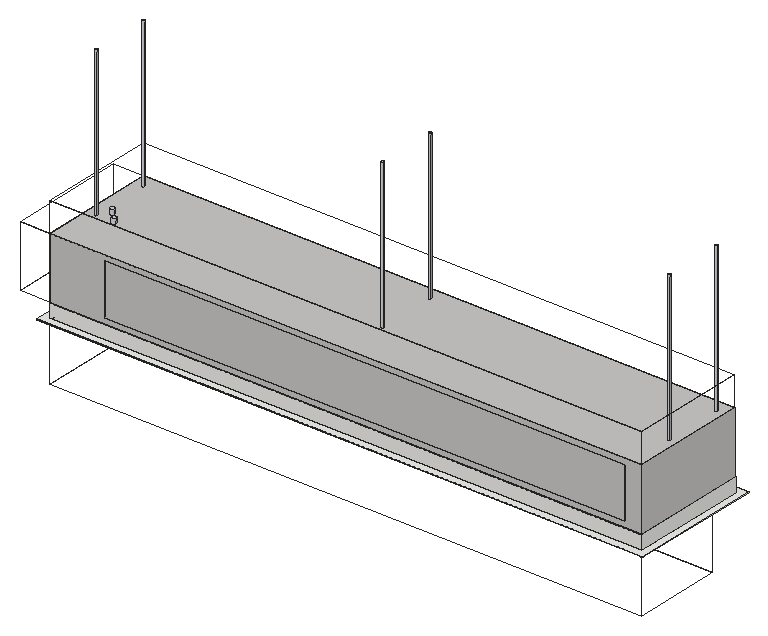
Revit family "AIRTECNICS_AIR CURTAIN_RECESSED OPTIMA_WATER HEATED (P)", category Mechanical Equipment, Revit 2016
Family settings
  Part Type = Normal
  Round Connector Dimension = Use Diameter
  OmniClass Number = 23.75.70.21.17
  OmniClass Title = Air Curtains
  Work Plane-Based = No
  Always vertical = Yes
  Cut with Voids When Loaded = No
  Shared = No
  Room Calculation Point = No
Parameters (values of type "RO 2000 P")
  · POSITION · [instance] = "-/ Select Curtain Position /-"  # constant formula
  · PIPES POSITION · [instance] = "-/ Select Pipes Position /-"  # constant formula
  · OTHERS · [instance] = "-/ Select Supports - Inst.Maint. Space /-"  # constant formula
  · HEATING · [instance] = "-/ Select Heating /-"  # constant formula
  Weight [instance] = size_lookup(Name_Lookup_Data, "Weight", 1.00 kg, COD)  # 49.00 kg
  Water Pipes_P2 [instance] = no
  Water Pipes_P1 (Std) [instance] = not(Water Pipes_P2)  # yes
  Water Flow Connector [instance] = size_lookup(Name_Lookup_Data, "Water Flow_connector", 1.0 L/s, COD)  # 0.222222 L/s
  Water Drop Pressure [instance] = size_lookup(Name_Lookup_Data, "Water Drop Pressure", 1.0 Pa, COD)  # 6810.0 Pa
  Water Coil Volume [instance] = size_lookup(Name_Lookup_Data, "Water Coil Volume", 1.0 L, COD)  # 1.3 L
  Water Coil Rows [instance] = size_lookup(Name_Lookup_Data, "Water Coil Rows", 1, COD)  # 2
  Wall Supports (Horizontal) [instance] = no
  Voltage = 230 V  # constant formula
  URL_Manufacturer = "https://www.airtecnics.com/"
  URL_Datasheet = "https://www.airtecnics.com/download/file/1945/recessed-optima.pdf"
  Supports Length [instance] = 500.0 mm
  Supports (Horizontal) [instance] = yes
  Revit Version = "Revit 2016 - English"  # constant formula
  Review Date = "11/2018"  # constant formula
  Remote Control = "IR-AIR"  # constant formula
  URL = "https://www.airtecnics.com/products/air-curtain-recessed-optima"
  Product Size = if(L = 1000.0 mm, "1000", if(L = 1500.0 mm, "1500", "2000"))  # "2000"
  Product Reference [instance] = size_lookup(Name_Lookup_Ref, "", "Consult Manufacturer", COD)  # "RO 2000 P"
  Product Heating [instance] = "P"  # constant formula
  Product Description [instance] = size_lookup(Name_Lookup_Data, "", "Consult Manufacturer", COD)  # "Self-supporting casing construction made of galvanized steel plate, ready to be installed recessed in a false ceiling. \r\nInlet grille (free of maintenance) made with aluminium profiles and blow-out nozzle, integrated in a single white frame colour RAL 9016. Other colours are available on request. \r\nAnodized aluminium outlet vanes, airfoil shaped.\r\nLow noise twisted cross-flow fans driven by a 2-speed external rotor motor.\r\n“P” type with water heated coil. \r\nIncludes Plug&Play control with 7m RJ45 cable and infrared remote control. Optional: Clever control (programmable, automatic, intelligent, energy saving, Modbus RTU for BMS…)\r\nAir Volume: 2850 m3/h \r\nFans:  0,16 kW  0,82 A 230Vx1 50Hz\r\nHeating power: 17,1 kW (80/60ºC)\r\nDimensions: 446x259x2050 mm (depth, height, length)"
  Power Fans Factor [instance] = if(L = 1000.0 mm, 0.84, if(L = 1500.0 mm, 0.96, if(L = 2000.0 mm, 0.85, 1)))  # 0.85
  Power Fans [instance] = size_lookup(Name_Lookup_Data, "Power Fans", 1 kW, COD)  # 0.16 kW
  P [instance] = 1 = 1  # yes
  Noise Level (dB(A)) [instance] = size_lookup(Name_Lookup_Data, "Noise Level (dB(A))", 1, COD)  # 54
  Name_Lookup_Ref = "RO_(P)_Ref_Lookup"  # constant formula
  Name_Lookup_Data = "RO_(P)_Data_Lookup"  # constant formula
  Model = "Air Curtain RECESSED OPTIMA P"  # constant formula
  Material Grille = AIRTECNICS_Perforated_Recessed Optima_Galvanized Steel
  Material Curtain [instance] = AIRTECNICS_White RAL 9016
  Mainfolds [instance] = "2x1/2'' F"  # constant formula
  Length = L + 50.0 mm + Depth - Depth  # 2050.0 mm
  Height = 259.0 mm  # constant formula
  Heating Capacity [instance] = size_lookup(Name_Lookup_Data, "Heating Capacity", 1 kW, COD)  # 17.1 kW
  Frequency = 50 Hz  # constant formula
  Fans Stage = 2  # constant formula
  Family Version = "1.0"  # constant formula
  Depth = 445.0 mm  # constant formula
  D_Pipping_Connector [instance] = 15 mm  # constant formula
  Current Fans [instance] = size_lookup(Name_Lookup_Data, "Current Fans", 1 A, COD)  # 0.82 A
  Created by = "BIMETRICAL"  # constant formula
  Control [instance] = "CW-2EV-IR"  # constant formula
  Cable = "CB7"  # constant formula
  COD [instance] = if(L = 1000.0 mm, 1, 0) + if(L = 1500.0 mm, 2, 0) + if(L = 2000.0 mm, 4, 0)  # 4
  Aspiration/Maintenance Space [instance] = yes
  Apparent Load [instance] = size_lookup(Name_Lookup_Data, "Apparent Load", 1 VA, COD)  # 188.235 VA
  Airflow [instance] = size_lookup(Name_Lookup_Data, "Airflow", 1 m³/h, COD)  # 2850 m³/h
  L = 2000.0 mm
  Type Image = <None>
  IfcExportType = "WATERHEATINGCOIL"  # constant formula
  IfcExportAs = "IfcCoilType"  # constant formula
  Horizontal [instance] = 1 = 1  # yes
  Manufacturer = "AIRTECNICS"  # constant formula
  Description = ""
  Type Comments = "Self-supporting casing construction made of galvanized steel plate, ready to be installed recessed in a false ceiling. \r\nInlet grille (free of maintenance) made with aluminium profiles and blow-out nozzle, integrated in a single white frame colour RAL 9016. Other colours are available on request. \r\nAnodized aluminium outlet vanes, airfoil shaped.\r\nLow noise twisted cross-flow fans driven by a 2-speed external rotor motor.\r\n“P” type with water heated coil. “E” type with electrical shielded elements, two stages with integrated regulation. “A” type without heating, air only. \r\nIncludes Plug&Play control with 7m RJ45 cable and infrared remote control. Optional: Clever control (programmable, automatic, intelligent, energy saving, Modbus RTU for BMS…)\r\n\r\n"  # constant formula
  BIMETRICAL Category = "Coil"  # constant formula
  BIMETRICAL = "http://www.bimetrical.com"  # constant formula
Types (3, lengths in mm): name | Weight | Water Flow Connector | Water Drop Pressure | Water Coil Volume | Product Size | Product Reference | Product Description | Power Fans Factor | Power Fans | Noise Level (dB(A)) | Length | Heating Capacity | Current Fans | COD | Apparent Load | Airflow | L
  RO 2000 P | 49.00 kg | 0.222222 L/s | 6810.0 Pa | 1.3 L | "2000" | "RO 2000 P" | "Self-supporting casing construction made of galvanized steel plate, ready to be installed recessed in a false ceiling. \r\nInlet grille (free of maintenance) made with aluminium profiles and blow-out nozzle, integrated in a single white frame colour RAL 9016. Other colours are available on request. \r\nAnodized aluminium outlet vanes, airfoil shaped.\r\nLow noise twisted cross-flow fans driven by a 2-speed external rotor motor.\r\n“P” type with water heated coil. \r\nIncludes Plug&Play control with 7m RJ45 cable and infrared remote control. Optional: Clever control (programmable, automatic, intelligent, energy saving, Modbus RTU for BMS…)\r\nAir Volume: 2850 m3/h \r\nFans:  0,16 kW  0,82 A 230Vx1 50Hz\r\nHeating power: 17,1 kW (80/60ºC)\r\nDimensions: 446x259x2050 mm (depth, height, length)" | 0.85 | 0.16 kW | 54 | 2050.0 | 17.1 kW | 0.82 A | 4 | 188.235 VA | 2850 m³/h | 2000.0
  RO 1500 P | 37.50 kg | 0.166667 L/s | 7480.0 Pa | 1.0 L | "1500" | "RO 1500 P" | "Self-supporting casing construction made of galvanized steel plate, ready to be installed recessed in a false ceiling. \r\nInlet grille (free of maintenance) made with aluminium profiles and blow-out nozzle, integrated in a single white frame colour RAL 9016. Other colours are available on request. \r\nAnodized aluminium outlet vanes, airfoil shaped.\r\nLow noise twisted cross-flow fans driven by a 2-speed external rotor motor.\r\n“P” type with water heated coil. \r\nIncludes Plug&Play control with 7m RJ45 cable and infrared remote control. Optional: Clever control (programmable, automatic, intelligent, energy saving, Modbus RTU for BMS…)\r\nAir Volume: 2175 m3/h \r\nFans:  0,117 kW  0,53 A 230Vx1 50Hz\r\nHeating power: 13 kW (80/60ºC)\r\nDimensions: 446x259x1550 mm (depth, height, length)" | 0.96 | 0.117 kW | 52 | 1550.0 | 13 kW | 0.53 A | 2 | 121.875 VA | 2175 m³/h | 1500.0
  RO 1000 P | 26.50 kg | 0.111111 L/s | 7360.0 Pa | 0.6 L | "1000" | "RO 1000 P" | "Self-supporting casing construction made of galvanized steel plate, ready to be installed recessed in a false ceiling. \r\nInlet grille (free of maintenance) made with aluminium profiles and blow-out nozzle, integrated in a single white frame colour RAL 9016. Other colours are available on request. \r\nAnodized aluminium outlet vanes, airfoil shaped.\r\nLow noise twisted cross-flow fans driven by a 2-speed external rotor motor.\r\n“P” type with water heated coil. \r\nIncludes Plug&Play control with 7m RJ45 cable and infrared remote control. Optional: Clever control (programmable, automatic, intelligent, energy saving, Modbus RTU for BMS…)\r\nAir Volume: 1450 m3/h \r\nFans:  0,08 kW  0,41 A 230Vx1 50Hz\r\nHeating power: 8,3 kW (80/60ºC)\r\nDimensions: 446x259x1050 mm (depth, height, length)" | 0.84 | 0.08 kW | 51 | 1050.0 | 8.3 kW | 0.41 A | 1 | 95.2381 VA | 1450 m³/h | 1000.0
Reference planes
  plane 1 "Centro (Frontal/Posterior)": z = 0
  plane 2: y = 246.57
  plane 3 "Centro (Izquierda/Derecha)": x = 0
Dimensions and locks
  equal spacing: nested 1, plane 2, nested 1
Nested families
  nested 1: "GEOM_RECESSED OPTIMA_(A-E-P)" at (0, 246.57, -2), type "GEOM_RECESSED OPTIMA_(A-E-P)"
    with AMP yes, VSUP2 yes, P yes, Number of Blades 9, L1 2050.0 mm, L 2000.0 mm, E no, C 238.88 mm, A1 1938.0 mm, A-P yes, A 197.8 mm
Connectors
  piping at (-940, 235.57, 272), diameter 15, driven by "D_Pipping_Connector", driven by "Water Flow Connector", driven by "Water Drop Pressure"
    settings: on nested 1, index 2, connector inside diameter 609.6 mm, connector length 0.0 mm, flow factor 0, pipe flow 0.222222 L/s, pressure drop 6810.0 Pa, fitting loss kfactor 0, connector angle 0.00°, fixture units 0, engagement length 0.0 mm, angle of deflection 0.00°, flow configuration 1, flow direction 1, fitting loss method 4, system type 7, joint type 0, gender type 0, connector reference index -1, connector utility 0, adjustable connector no, is connector primary yes, connector description "In"
  piping at (-905, 199.57, 272), diameter 15, driven by "Water Flow Connector", driven by "D_Pipping_Connector"
    settings: on nested 1, index 3, connector inside diameter 609.6 mm, connector length 0.0 mm, flow factor 0, pipe flow 0.222222 L/s, pressure drop 0.0 Pa, fitting loss kfactor 0, connector angle 0.00°, fixture units 0, engagement length 0.0 mm, angle of deflection 0.00°, flow configuration 1, flow direction 2, fitting loss method 0, system type 8, joint type 0, gender type 0, connector reference index -1, connector utility 0, adjustable connector no, is connector primary no, connector description ""
  electrical at (-1000, 130.94, 115.65), driven by "Voltage", driven by "Apparent Load", driven by "Power Fans Factor"
    settings: on nested 1, index 4, voltage 230 V, apparent load 188.235 VA, apparent load phase1 0 VA, apparent load phase2 0 VA, apparent load phase3 0 VA, power factor 0.85, load classification "HVAC", number of poles 1, system type 30, power factor state 1, is connector primary yes, connector utility no, sub classification motor no, connector description ""
Definition of nested family "GEOM_RECESSED OPTIMA_(A-E-P)"
  Parameters (values of type "GEOM_RECESSED OPTIMA_(A-E-P)")
    Wall Supports (Horizontal) = no
    VSUP2 = if(and(Supports Length > 0.0 mm, L = 2000.0 mm, [Supports (Horizontal)]), 1 = 1, 1 = 0)  # no
    VSUP1 = if(and(Supports Length > 0.0 mm, [Supports (Horizontal)]), 1 = 1, 1 = 0)  # yes
    Supports Length = 500.0 mm
    Supports (Horizontal) = yes
    Revit Version = "Revit 2016 - English"  # constant formula
    Review Date = "10/2018"  # constant formula
    P2 = not(P1)  # no
    P1 = yes
    P = no
    Number of Blades = if(L = 1000.0 mm, 5, if(L = 1500.0 mm, 7, 9))  # 5
    Model = "RECESSED OPTIMA"  # constant formula
    Material Grille = none
    Material Curtain = none
    Manufacturer = "AIRTECNICS"  # constant formula
    L_sup = if(Supports Length = 0.0 mm, 1.0 mm, Supports Length)  # 500.0 mm
    L2 = if(P1, 85.0 mm, L1 - (120.0 mm))  # 85.0 mm
    L1 = L + 50.0 mm  # 1050.0 mm
    L = 1000.0 mm
    Family Version = "1.0"  # constant formula
    E = yes
    D_Con = 15 mm
    Created by = "BIMETRICAL"  # constant formula
    C = if(L = 1000.0 mm, 227.75 mm, if(L = 1500.0 mm, 235.1 mm, 238.88 mm))  # 227.75 mm
    BIMETRICAL = "http://www.bimetrical.com/"  # constant formula
    B1 = if(and([Wall Supports (Horizontal)], not([Supports (Horizontal)]), L = 2000.0 mm), 30.0 mm, 1.0 mm)  # 1.0 mm
    B = if([Supports (Horizontal)], 1.0 mm, if(not([Wall Supports (Horizontal)]), 1.0 mm, 30.0 mm))  # 1.0 mm
    Aspiration/Maintenance Space = yes
    AMP [instance] = if(and([Aspiration/Maintenance Space], P), 1 = 1, 1 = 0)  # no
    A1 = L - 62.0 mm  # 938.0 mm
    A-P = not(E)  # no
    A = (L - 22.0 mm) / (Number of Blades + 1)  # 163.0 mm
  Reference planes
    plane 1 "Centro (Frontal/Posterior)": y = 0
    plane 2: z = 0
    plane 3 "Centro (Izquierda/Derecha)": x = 0
    plane 4: x = -500
    plane 5: y = 222.5
    plane 6: x = 500
    plane 7: y = -222.5
    plane 8: y = 198
    plane 9: y = -198
    plane 10: x = -525
    plane 11: x = 525
    plane 12: z = 259
    plane 13: z = 50
    plane 14: z = 2
    plane 15: x = -501
    plane 16: x = 501
    plane 17: x = -469
    plane 18: x = 469
    plane 19: y = 157
    plane 20: y = -43
    plane 21: y = -43
    plane 22: y = 157
    plane 23: z = 90
    plane 24: z = 220
    plane 25: x = -469
    plane 26: x = 469
    plane 27: z = 220
    plane 28: z = 90
    plane 29: x = -455.5
    plane 30: x = -227.75
    plane 31: x = -440
    plane 32: y = -11
    plane 33: x = -405
    plane 34: y = -47
  Forms (mm)
    Extrusion 1, solid
      sketch origin (-1376.546, -1524, 259) x (-1, 0, 0) y (0, -1, 0)
        loop
          line (-876.546, -1721.5) -> (-876.546, -1326.5) -> (-1876.546, -1326.5) -> (-1876.546, -1721.5) -> (-876.546, -1721.5)
      from 0 to -209
    Sweep 2, solid, material <- "Material Curtain"
      path origin (-1376.546, -1524, 259) x (-1, 0, 0) y (0, -1, 0)
        loop
          line (-851.546, -1746.5) -> (-851.546, -1301.5) -> (-1901.546, -1301.5) -> (-1901.546, -1746.5) -> (-851.546, -1746.5)
      profile origin (-525, 0, 259) x (-1, 0, 0) y (0, 0, 1)
        loop
          line (0, -259) -> (0, -257) -> (-24, -257) -> (-24, -209) -> (-25, -209) -> (-25, -259) -> (0, -259)
    Extrusion 3, solid, visible <- "VSUP1"
      sketch origin (-1376.546, -1524, 259) x (-1, 0, 0) y (0, -1, 0)
        loop
          circle (-907.546, -1681) r 4
        loop
          circle (-907.546, -1481) r 4
        loop
          circle (-1845.546, -1681) r 4
        loop
          circle (-1845.546, -1481) r 4
      from 0 to 500
    Extrusion 4, solid, visible <- "VSUP2"
      sketch origin (-1376.546, -1524, 259) x (-1, 0, 0) y (0, -1, 0)
        loop
          circle (-1376.546, -1481) r 4
        loop
          circle (-1376.546, -1681) r 4
      from 0 to 500
    Extrusion 5, void
      sketch origin (-1802.24, 198, 1200) x (-1, 0, 0) y (0, 0, 1)
        loop
          circle (-1333.24, -980) r 4
        loop
          circle (-1333.24, -1110) r 4
        loop
          circle (-2271.24, -980) r 4
        loop
          circle (-2271.24, -1110) r 4
      from 23.5 to 24.5
    Extrusion 6, void
      sketch origin (-1802.24, 198, 1200) x (-1, 0, 0) y (0, 0, 1)
        loop
          circle (-1802.24, -980) r 4
        loop
          circle (-1802.24, -1110) r 4
      from 23.5 to 24.5
    Extrusion 7, solid, material <- "Material Curtain"
      sketch origin (0, 0, 0) x (0, 1, 0) y (0, 0, 1)
        loop
          line (117.506, 0.003) -> (120.506, 0.003) -> (120.506, 25.003) -> (117.506, 25.003) -> (117.506, 0.003)
        loop
          line (131.506, 0.003) -> (134.506, 0.003) -> (134.506, 25.003) -> (131.506, 25.003) -> (131.506, 0.003)
        loop
          line (145.506, 0.003) -> (148.506, 0.003) -> (148.506, 25.003) -> (145.506, 25.003) -> (145.506, 0.003)
        loop
          line (159.506, 0.003) -> (162.506, 0.003) -> (162.506, 25.003) -> (159.506, 25.003) -> (159.506, 0.003)
        loop
          line (173.501, 0.003) -> (176.501, 0.003) -> (176.501, 45.003) -> (173.501, 45.003) -> (173.501, 15.939) -> (173.501, 0.003)
        loop
          line (187.501, 0.003) -> (190.501, 0.003) -> (190.501, 25.003) -> (187.501, 25.003) -> (187.501, 0.003)
      from -500 to 500
    Extrusion 8, solid, material <- "Material Curtain"
      sketch origin (0, 0, 0) x (0, 1, 0) y (0, 0, 1)
        loop
          line (87.6, 2.798) -> (103.505, 15.003) -> (103.505, 25.003) -> (102.205, 25.003) -> (102.205, 15.644) -> (87.203, 4.132)
          arc (87.203, 4.132) -> (83.435, 1.976) -> (79.158, 1.238) r 12.5
          arc (79.158, 1.238) -> (78.507, 0.539) -> (79.256, -0.054) r 0.65
          arc (79.256, -0.054) -> (83.662, 0.688) -> (87.6, 2.798) r 13.8
        loop
          line (63.1, 2.798) -> (79.005, 15.003) -> (79.005, 25.003) -> (77.705, 25.003) -> (77.705, 15.644) -> (62.703, 4.132)
          arc (62.703, 4.132) -> (58.935, 1.976) -> (54.658, 1.238) r 12.5
          arc (54.658, 1.238) -> (54.007, 0.539) -> (54.756, -0.054) r 0.65
          arc (54.756, -0.054) -> (59.162, 0.688) -> (63.1, 2.798) r 13.8
        loop
          line (38.6, 2.798) -> (54.505, 15.003) -> (54.505, 25.003) -> (53.205, 25.003) -> (53.205, 15.644) -> (38.203, 4.132)
          arc (38.203, 4.132) -> (34.435, 1.976) -> (30.158, 1.238) r 12.5
          arc (30.158, 1.238) -> (29.507, 0.539) -> (30.256, -0.054) r 0.65
          arc (30.256, -0.054) -> (34.662, 0.688) -> (38.6, 2.798) r 13.8
        loop
          line (14.1, 2.798) -> (30.005, 15.003) -> (30.005, 25.003) -> (28.705, 25.003) -> (28.705, 15.644) -> (13.703, 4.132)
          arc (13.703, 4.132) -> (9.935, 1.976) -> (5.658, 1.238) r 12.5
          arc (5.658, 1.238) -> (5.007, 0.539) -> (5.756, -0.054) r 0.65
          arc (5.756, -0.054) -> (10.162, 0.688) -> (14.1, 2.798) r 13.8
        loop
          line (-10.4, 2.798) -> (5.505, 15.003) -> (5.505, 25.003) -> (4.205, 25.003) -> (4.205, 15.644) -> (-10.797, 4.132)
          arc (-10.797, 4.132) -> (-14.565, 1.976) -> (-18.842, 1.238) r 12.5
          arc (-18.842, 1.238) -> (-19.493, 0.539) -> (-18.744, -0.054) r 0.65
          arc (-18.744, -0.054) -> (-14.338, 0.688) -> (-10.4, 2.798) r 13.8
        loop
          line (-34.9, 2.798) -> (-18.995, 15.003) -> (-18.995, 25.003) -> (-20.295, 25.003) -> (-20.295, 15.644) -> (-35.297, 4.132)
          arc (-35.297, 4.132) -> (-39.065, 1.976) -> (-43.342, 1.238) r 12.5
          arc (-43.342, 1.238) -> (-43.993, 0.539) -> (-43.244, -0.054) r 0.65
          arc (-43.244, -0.054) -> (-38.838, 0.688) -> (-34.9, 2.798) r 13.8
        loop
          line (-59.4, 2.798) -> (-43.495, 15.003) -> (-43.495, 25.003) -> (-44.795, 25.003) -> (-44.795, 15.644) -> (-59.797, 4.132)
          arc (-59.797, 4.132) -> (-63.565, 1.976) -> (-67.842, 1.238) r 12.5
          arc (-67.842, 1.238) -> (-68.493, 0.539) -> (-67.744, -0.054) r 0.65
          arc (-67.744, -0.054) -> (-63.338, 0.688) -> (-59.4, 2.798) r 13.8
        loop
          line (-83.9, 2.798) -> (-67.995, 15.003) -> (-67.995, 25.003) -> (-69.295, 25.003) -> (-69.295, 15.644) -> (-84.297, 4.132)
          arc (-84.297, 4.132) -> (-88.065, 1.976) -> (-92.342, 1.238) r 12.5
          arc (-92.342, 1.238) -> (-92.993, 0.539) -> (-92.244, -0.054) r 0.65
          arc (-92.244, -0.054) -> (-87.838, 0.688) -> (-83.9, 2.798) r 13.8
        loop
          line (-108.4, 2.798) -> (-92.495, 15.003) -> (-92.495, 25.003) -> (-93.795, 25.003) -> (-93.795, 15.644) -> (-108.797, 4.132)
          arc (-108.797, 4.132) -> (-112.565, 1.976) -> (-116.842, 1.238) r 12.5
          arc (-116.842, 1.238) -> (-117.493, 0.539) -> (-116.744, -0.054) r 0.65
          arc (-116.744, -0.054) -> (-112.338, 0.688) -> (-108.4, 2.798) r 13.8
        loop
          line (-132.9, 2.798) -> (-116.995, 15.003) -> (-116.995, 25.003) -> (-118.295, 25.003) -> (-118.295, 15.644) -> (-133.297, 4.132)
          arc (-133.297, 4.132) -> (-137.065, 1.976) -> (-141.342, 1.238) r 12.5
          arc (-141.342, 1.238) -> (-141.993, 0.539) -> (-141.244, -0.054) r 0.65
          arc (-141.244, -0.054) -> (-136.838, 0.688) -> (-132.9, 2.798) r 13.8
        loop
          line (-157.4, 2.798) -> (-141.495, 15.003) -> (-141.495, 25.003) -> (-142.795, 25.003) -> (-142.795, 15.644) -> (-157.797, 4.132)
          arc (-157.797, 4.132) -> (-161.565, 1.976) -> (-165.842, 1.238) r 12.5
          arc (-165.842, 1.238) -> (-166.493, 0.539) -> (-165.744, -0.054) r 0.65
          arc (-165.744, -0.054) -> (-161.338, 0.688) -> (-157.4, 2.798) r 13.8
        loop
          line (-181.9, 2.798) -> (-165.995, 15.003) -> (-165.995, 25.003) -> (-167.295, 25.003) -> (-167.295, 15.644) -> (-182.297, 4.132)
          arc (-182.297, 4.132) -> (-186.065, 1.976) -> (-190.342, 1.238) r 12.5
          arc (-190.342, 1.238) -> (-190.993, 0.539) -> (-190.244, -0.054) r 0.65
          arc (-190.244, -0.054) -> (-185.838, 0.688) -> (-181.9, 2.798) r 13.8
      from -500 to 500
    Extrusion 9, solid
      sketch origin (0, 0, 0) x (0, 1, 0) y (0, 0, 1)
        loop
          line (106.505, 50) -> (103.505, 50) -> (103.505, 0) -> (106.505, 0) -> (106.505, 50)
      from -500 to 500
    Extrusion 10, solid
      sketch origin (-4, 0, -5.538) x (1, 0, 0) y (0, 1, 0)
        loop
          line (-455.5, 196.005) -> (-455.5, 106.505) -> (-447.5, 106.505) -> (-447.5, 196.005) -> (-455.5, 196.005)
      from 20.94 to 28.94
    Extrusion 11, solid
      sketch origin (223.75, 0, -5.538) x (1, 0, 0) y (0, 1, 0)
        loop
          line (-455.5, 196.005) -> (-455.5, 106.505) -> (-447.5, 106.505) -> (-447.5, 196.005) -> (-455.5, 196.005)
      from 20.94 to 28.94
    Extrusion 12, solid
      sketch origin (451.5, 0, -5.538) x (1, 0, 0) y (0, 1, 0)
        loop
          line (-455.5, 196.005) -> (-455.5, 106.505) -> (-447.5, 106.505) -> (-447.5, 196.005) -> (-455.5, 196.005)
      from 20.94 to 28.94
    Extrusion 13, solid
      sketch origin (679.25, 0, -5.538) x (1, 0, 0) y (0, 1, 0)
        loop
          line (-455.5, 196.005) -> (-455.5, 106.505) -> (-447.5, 106.505) -> (-447.5, 196.005) -> (-455.5, 196.005)
      from 20.94 to 28.94
    Extrusion 14, solid
      sketch origin (907, 0, -5.538) x (1, 0, 0) y (0, 1, 0)
        loop
          line (-455.5, 196.005) -> (-455.5, 106.505) -> (-447.5, 106.505) -> (-447.5, 196.005) -> (-455.5, 196.005)
      from 20.94 to 28.94
    Extrusion 15, void
      sketch origin (-1802.24, -198, 1200) x (-1, 0, 0) y (0, 0, -1)
        loop
          line (-1486.22, 960.7) -> (-1486.22, 1130.7) -> (-2244.49, 1130.7) -> (-2244.49, 960.7) -> (-1486.22, 960.7)
      from 0 to -10
    Extrusion 16, solid, material <- "Material Grille"
      sketch origin (-1802.24, -198, 1200) x (-1, 0, 0) y (0, 0, -1)
        loop
          line (-1486.22, 1130.7) -> (-2244.49, 1130.7) -> (-2244.49, 960.7) -> (-1486.22, 960.7) -> (-1486.22, 1130.7)
      from 0 to -10
    Extrusion 17, solid, visible <- "E"
      sketch origin (-500, 490.93, 1200) x (0, 1, 0) y (0, 0, 1)
        loop
          line (-580.68, -948.75) -> (-665.68, -948.75) -> (-665.68, -1006.75) -> (-580.68, -1006.75) -> (-580.68, -948.75)
      from 0 to -20
    Extrusion 18, solid, visible <- "P"
      sketch origin (-1376.546, -1524, 259) x (-1, 0, 0) y (0, -1, 0)
        loop
          circle (-971.546, -1477) r 7.5
        loop
          circle (-936.546, -1513) r 7.5
      from 0 to 15
    Extrusion 19, solid, visible <- "Aspiration/Maintenance Space"
      sketch origin (0, 0, 0) x (0, 1, 0) y (0, 0, 1)
        loop
          line (103.505, 0) -> (-198.495, 0) -> (-198.495, -200) -> (103.505, -200) -> (103.505, 0)
      from -500 to 500
    Extrusion 20, solid, visible <- "A-P"
      sketch origin (500, 490.93, 1200) x (0, 1, 0) y (0, 0, -1)
        loop
          line (-585.06, 1037.1) -> (-585.06, 1127.6) -> (-628.06, 1127.6) -> (-628.06, 1037.1) -> (-585.06, 1037.1)
      from 1020 to 1000
    Extrusion 21, solid, visible <- "Aspiration/Maintenance Space"
      sketch origin (0, 0, 0) x (-1, 0, 0) y (0, -1, 0)
        loop
          line (500, -198.5) -> (601, -198.5) -> (601, 198.5) -> (500, 198.5) -> (500, -198.5)
      from 50 to 259
    Extrusion 22, solid, visible <- "AMP"
      sketch origin (0, 0, 0) x (1, 0, 0) y (0, 0, 1)
        loop
          line (-500, 259) -> (500, 259) -> (500, 359) -> (-500, 359) -> (-500, 259)
      from -198 to 198
  Cuts and joins
    Extrusion 5, Extrusion 6, Extrusion 15 cuts Extrusion 1
  Lines and regions (mm)
    symbolic lines
      curve 1: line (-525, 222.5, 0) -> (525, 222.5, 0)
      curve 2: line (-525, -222.5, 0) -> (-525, 222.5, 0)
      curve 3: line (525, -222.5, 0) -> (-525, -222.5, 0)
      curve 4: line (525, 222.5, 0) -> (525, -222.5, 0)
      curve 5: line (-500, 197.5, 0) -> (500, 197.5, 0)
      curve 6: line (-500, -197.5, 0) -> (-500, 197.5, 0)
      curve 7: line (500, -197.5, 0) -> (-500, -197.5, 0)
      curve 8: line (500, 197.5, 0) -> (500, -197.5, 0)
      curve 11: line (-500, 103.505, 0) -> (500, 103.505, 0)
    symbolic lines, visible <- "P"
      curve 9: circle (-440, -11, 0) r 7.5 normal (0, 0, 1)
      curve 10: circle (-405, -47, 0) r 7.5 normal (0, 0, 1)
    symbolic lines, visible <- "Aspiration/Maintenance Space"
      curve 12: line (500, 0, -0.062) -> (500, 0, -200)
      curve 13: line (500, 0, -200) -> (-500, 0, -200)
      curve 14: line (-500, 0, -200) -> (-500, 0, -0.062)
      curve 15: line (0, 197.5, 259) -> (0, 197.5, 359)
      curve 16: line (0, 197.5, 359) -> (0, -197.5, 359)
      curve 17: line (0, -197.5, 359) -> (0, -197.5, 259)
      curve 18: line (0, 103.505, 0) -> (0, 103.505, -200)
      curve 19: line (0, 103.505, -200) -> (0, -198.495, -200)
      curve 20: line (0, -198.495, -200) -> (0, -198.495, 0)
      curve 21: line (-500, 0, 259) -> (-601, 0, 259)
      curve 22: line (-601, 0, 259) -> (-601, 0, 50)
      curve 23: line (-601, 0, 50) -> (-500, 0, 50)
      curve 27: line (-501, 198.5, 0) -> (-601, 198.5, 0)
      curve 28: line (-601, 198.5, 0) -> (-601, -198.5, 0)
      curve 29: line (-601, -198.5, 0) -> (-500, -198.5, 0)
    symbolic lines, visible <- "AMP"
      curve 24: line (-500, 0, 259) -> (-500, 0, 359)
      curve 25: line (-500, 0, 359) -> (500, 0, 359)
      curve 26: line (500, 0, 359) -> (500, 0, 259)
  Dimensions and locks
    equal spacing: plane 5, plane 1 "Centro (Frontal/Posterior)", plane 7
    equal spacing: plane 4, plane 3 "Centro (Izquierda/Derecha)", plane 6
    locked: plane 7 to plane 5 at 445
    "L": plane 4 to plane 6
    equal spacing: plane 10, plane 3 "Centro (Izquierda/Derecha)", plane 11
    "L1": plane 10 to plane 11
    equal spacing: plane 8, plane 1 "Centro (Frontal/Posterior)", plane 9
    plane 9 to plane 8 = 396.0 mm
    locked: plane 12 to level at 259
    locked: plane 13 to level at 50
    plane 14 to level = 2.0 mm
    locked: plane 4 to plane 15 at 1
    locked: plane 6 to plane 16 at 1
    equal spacing: plane 17, plane 3 "Centro (Izquierda/Derecha)", plane 18
    "A1": plane 17 to plane 18
    "L_sup": Extrusion 3 to plane 12
    "L_sup": Extrusion 4 to plane 12
    plane 23 to level = 90.0 mm
    plane 24 to plane 23 = 130.0 mm
    plane 12 to plane 24 = 39.0 mm
    equal spacing: plane 26, plane 3 "Centro (Izquierda/Derecha)", plane 25
    "A1": plane 26 to plane 25
    "B": plane 5 to Extrusion 5
    "B1": plane 5 to Extrusion 6
    plane 10 to cut or joined group of Extrusion 1, Extrusion 5, Extrusion 6, Extrusion 15 = 25.0 mm
    equal spacing: group 1, group 2, group 3, group 4, group 5  (x3)
    "C": plane 29 to plane 30
    locked: plane 10 to plane 29 at 69.5
    locked: Extrusion 10 sketch curve to Extrusion 10 sketch curve at 89.5
    locked: Extrusion 10 sketch curve to Extrusion 10 sketch curve at 8
    locked: Extrusion 11 sketch curve to Extrusion 11 sketch curve at 89.5
    locked: Extrusion 11 sketch curve to Extrusion 11 sketch curve at 8
    locked: Extrusion 12 sketch curve to Extrusion 12 sketch curve at 89.5
    locked: Extrusion 12 sketch curve to Extrusion 12 sketch curve at 8
    locked: Extrusion 13 sketch curve to Extrusion 13 sketch curve at 89.5
    locked: Extrusion 13 sketch curve to Extrusion 13 sketch curve at 8
    locked: Extrusion 14 sketch curve to Extrusion 14 sketch curve at 89.5
    locked: Extrusion 14 sketch curve to Extrusion 14 sketch curve at 8
    locked: Extrusion 10 to plane 29 at 4
    Extrusion 11 to plane 30 to Extrusion 11 = 4.0 mm locked, 4.0 mm locked
    locked: plane 12 to Extrusion 15 sketch curve at 19.7
    plane 12 to Extrusion 15 sketch curve = 189.7 mm
    locked: Extrusion 15 sketch curve to plane 4 at 183.98
    locked: Extrusion 15 sketch curve to plane 6 at 57.75
    "L2": plane 10 to plane 31
    locked: plane 31 to plane 33 at 35
    plane 7 to Extrusion 19 sketch curve to Extrusion 19 sketch curve = 24.005 mm, 302.0 mm locked
    locked: Extrusion 19 sketch curve to Extrusion 19 sketch curve at 200
    locked: Extrusion 17 sketch curve to Extrusion 17 sketch curve at 58
    locked: Extrusion 17 sketch curve to Extrusion 17 sketch curve at 85
    locked: Extrusion 17 sketch curve to plane 9 at 23.25
    locked: Extrusion 17 sketch curve to plane 13 at 143.25
    locked: Extrusion 20 sketch curve to Extrusion 20 sketch curve at 43
    locked: Extrusion 20 sketch curve to Extrusion 20 sketch curve at 90.5
    locked: Extrusion 20 sketch curve to plane 7 at 85.37
    locked: Extrusion 20 sketch curve to plane 13 at 22.4
    locked: plane 8 to plane 19 at 41
    locked: plane 20 to plane 19 at 200
    locked: plane 8 to plane 22 at 41
    locked: plane 22 to plane 21 at 200
    locked: plane 8 to plane 32 at 209
    locked: plane 8 to plane 34 at 245
    plane 4 to plane 31 = 60.0 mm
    Extrusion 22 sketch curve to Extrusion 21 = 100.0 mm
    "D_Con": diameter of Extrusion 18 sketch curve  (x2)
    aligned and locked: level to plane 2
    aligned and locked: plane 4 to Extrusion 1 sketch curve
    aligned and locked: plane 6 to Extrusion 1 sketch curve
    aligned and locked: Extrusion 1 to plane 13
    aligned and locked: plane 10 to Sweep 2 sketch curve
    aligned and locked: plane 11 to Sweep 2 sketch curve
    aligned and locked: Sweep 2 sketch curve to plane 10
    aligned and locked: plane 14 to Sweep 2 sketch curve
    aligned and locked: Sweep 2 sketch curve to level
    aligned and locked: plane 4 to Sweep 2 sketch curve
    aligned and locked: plane 13 to Sweep 2 sketch curve
    aligned and locked: plane 17 to Extrusion 3 sketch curve  (x2)
    aligned and locked: plane 18 to Extrusion 3 sketch curve  (x2)
    aligned and locked: plane 3 "Centro (Izquierda/Derecha)" to Extrusion 4 sketch curve  (x2)
    aligned and locked: plane 26 to Extrusion 5 sketch curve  (x2)
    aligned and locked: plane 25 to Extrusion 5 sketch curve  (x2)
    aligned and locked: plane 5 to Extrusion 6
    aligned and locked: Extrusion 1 sketch curve to Sweep 2  (x2)
    aligned and locked: Extrusion 7 to plane 4
    aligned and locked: Extrusion 7 to plane 6
    aligned and locked: Extrusion 8 to plane 6
    aligned and locked: Extrusion 8 to plane 4
    aligned and locked: Extrusion 9 to plane 6
    aligned and locked: Extrusion 9 to plane 4
    aligned and locked: Extrusion 16 sketch curve to cut or joined group of Extrusion 1, Extrusion 5, Extrusion 6, Extrusion 15  (x4)
    aligned and locked: plane 31 to Extrusion 18 sketch curve
    aligned and locked: Extrusion 18 sketch curve to plane 32
    aligned and locked: plane 33 to Extrusion 18 sketch curve
    aligned and locked: Extrusion 18 sketch curve to plane 34
    aligned and locked: Extrusion 19 to plane 6
    aligned and locked: Extrusion 19 to plane 4
    aligned and locked: curve 1 to Sweep 2
    aligned and locked: curve 2 to Sweep 2
    aligned and locked: curve 3 to Sweep 2
    aligned and locked: curve 4 to Sweep 2
    aligned and locked: curve 5 to Sweep 2
    aligned and locked: curve 6 to Sweep 2
    aligned and locked: curve 7 to Sweep 2
    aligned and locked: curve 8 to Sweep 2
    aligned and locked: curve 9 to Extrusion 18
    aligned and locked: curve 10 to Extrusion 18
    aligned and locked: curve 11 to Extrusion 8
    aligned and locked: plane 4 to Extrusion 20
    aligned and locked: Extrusion 17 to Extrusion 20
    aligned and locked: Extrusion 22 sketch curve to cut or joined group of Extrusion 1, Extrusion 5, Extrusion 6, Extrusion 15
    aligned and locked: Extrusion 22 sketch curve to plane 6
    aligned and locked: plane 8 to Extrusion 22
    aligned and locked: plane 9 to Extrusion 22
  Automatic sketch dimensions
    curve 22 to plane 13 = 0.0 mm
    curve 22 to plane 12 = 0.0 mm
    curve 14 to plane 4 = 0.0 mm
    curve 21 to plane 4 = 0.0 mm
    curve 23 to plane 4 = 0.0 mm
    plane 6 to curve 13 = 0.0 mm
    plane 6 to curve 25 = 0.0 mm
    curve 26 to plane 12 = 0.0 mm
    curve 21 to plane 10 = 76.0 mm
    curve 14 to level = 200.0 mm
    plane 12 to curve 25 = 100.0 mm
    curve 12 to level = 0.062 mm
    curve 14 to level = 0.062 mm
    curve 27 to plane 15 = 0.0 mm
    curve 29 to plane 4 = 0.0 mm
    plane 8 to curve 27 = 0.5 mm
    curve 27 to plane 10 = 76.0 mm
    plane 9 to curve 28 = 0.5 mm
    Sweep 2 sketch curve to plane 5 = 0.0 mm
    plane 7 to Sweep 2 sketch curve = 0.0 mm
    Sweep 2 sketch curve to Sweep 2 sketch curve = 1.0 mm
    Extrusion 4 sketch curve to plane 22 = 0.0 mm
    Extrusion 4 sketch curve to plane 21 = 0.0 mm
    Extrusion 6 sketch curve to plane 3 "Centro (Izquierda/Derecha)" = 0.0 mm  (x2)
    Extrusion 6 sketch curve to plane 28 = 0.0 mm
    Extrusion 6 sketch curve to plane 27 = 0.0 mm
    level to Extrusion 7 sketch curve = 0.003 mm  (x6)
    Extrusion 7 sketch curve to plane 8 = 80.494 mm
    Extrusion 7 sketch curve to Extrusion 7 sketch curve = 3.0 mm  (x6)
    Extrusion 7 sketch curve to Extrusion 7 sketch curve = 11.0 mm  (x3)
    Extrusion 7 sketch curve to Extrusion 7 sketch curve = 10.995 mm
    Extrusion 7 sketch curve to plane 8 = 10.499 mm
    plane 14 to Extrusion 7 sketch curve = 13.939 mm
    plane 14 to Extrusion 7 sketch curve = 23.003 mm
    Extrusion 7 sketch curve to Extrusion 7 sketch curve = 0.0 mm  (x3)
    Extrusion 7 sketch curve to Extrusion 7 sketch curve = 9.063 mm
    Extrusion 7 sketch curve to plane 13 = 4.997 mm
    level to Extrusion 8 sketch curve = 0.588 mm  (x12)
    Extrusion 8 sketch curve to plane 9 = 7.655 mm
    Extrusion 8 sketch curve to plane 9 = 7.699 mm
    Extrusion 8 sketch curve to Extrusion 8 sketch curve = 0.006 mm  (x12)
    plane 14 to Extrusion 8 sketch curve = 2.132 mm  (x12)
    Extrusion 8 sketch curve to Extrusion 8 sketch curve = 8.048 mm  (x12)
    plane 14 to Extrusion 8 sketch curve = 0.798 mm  (x12)
    Extrusion 8 sketch curve to Extrusion 8 sketch curve = 0.397 mm  (x12)
    Extrusion 8 sketch curve to Extrusion 8 sketch curve = 23.001 mm
    Extrusion 8 sketch curve to Extrusion 8 sketch curve = 1.3 mm  (x12)
    Extrusion 8 sketch curve to Extrusion 8 sketch curve = 0.15 mm  (x10)
    Extrusion 8 sketch curve to Extrusion 8 sketch curve = 0.193 mm  (x11)
    plane 14 to Extrusion 8 sketch curve = 13.644 mm  (x4)
    Extrusion 8 sketch curve to Extrusion 8 sketch curve = 15.002 mm  (x7)
    Extrusion 8 sketch curve to Extrusion 8 sketch curve = 23.2 mm  (x2)
    plane 1 "Centro (Frontal/Posterior)" to Extrusion 8 sketch curve = 20.295 mm
    Extrusion 8 sketch curve to plane 1 "Centro (Frontal/Posterior)" = 4.205 mm
    Extrusion 8 sketch curve to plane 1 "Centro (Frontal/Posterior)" = 5.655 mm
    plane 14 to Extrusion 8 sketch curve = 13.003 mm  (x2)
    plane 14 to Extrusion 8 sketch curve = 11.738 mm  (x8)
    Extrusion 8 sketch curve to Extrusion 8 sketch curve = 1.906 mm  (x3)
    Extrusion 8 sketch curve to Extrusion 8 sketch curve = 1.264 mm
    Extrusion 8 sketch curve to Extrusion 8 sketch curve = 0.008 mm  (x12)
    Extrusion 8 sketch curve to Extrusion 8 sketch curve = 1.257 mm  (x10)
    Extrusion 8 sketch curve to Extrusion 8 sketch curve = 0.641 mm  (x8)
    Extrusion 8 sketch curve to Extrusion 8 sketch curve = 9.359 mm  (x12)
    Extrusion 8 sketch curve to Extrusion 8 sketch curve = 0.0 mm  (x12)
    Extrusion 9 sketch curve to plane 13 = 0.0 mm
    Extrusion 9 sketch curve to level = 0.0 mm
    Extrusion 9 sketch curve to plane 8 = 94.495 mm
    Extrusion 9 sketch curve to Extrusion 9 sketch curve = 3.0 mm
    Extrusion 19 sketch curve to level = 0.0 mm
    curve 20 to level = 0.0 mm
    curve 17 to plane 12 = 0.0 mm
    curve 18 to level = 0.0 mm
    curve 15 to plane 12 = 0.0 mm
    plane 9 to curve 20 = 0.495 mm
    curve 17 to plane 9 = 0.5 mm
    curve 18 to plane 8 = 94.495 mm
    curve 15 to plane 8 = 0.5 mm
    curve 18 to level = 200.0 mm
    curve 15 to curve 16 = 100.0 mm
    Extrusion 21 sketch curve to plane 4 = 0.0 mm
    plane 9 to Extrusion 21 sketch curve = 0.5 mm
    Extrusion 21 sketch curve to plane 10 = 76.0 mm
    plane 8 to Extrusion 21 sketch curve = 0.5 mm
    Extrusion 22 sketch curve to plane 12 = 0.0 mm
    Extrusion 3 sketch curve to plane 19 = 0.0 mm  (x2)
    plane 20 to Extrusion 3 sketch curve = 0.0 mm  (x2)
    Extrusion 5 sketch curve to plane 23 = 0.0 mm  (x2)
    Extrusion 5 sketch curve to plane 24 = 0.0 mm  (x2)
    radius of Extrusion 4 sketch curve = 4.0 mm  (x2)
    radius of Extrusion 6 sketch curve = 4.0 mm  (x2)
    radius of Extrusion 3 sketch curve = 4.0 mm  (x4)
    radius of Extrusion 5 sketch curve = 4.0 mm  (x4)
